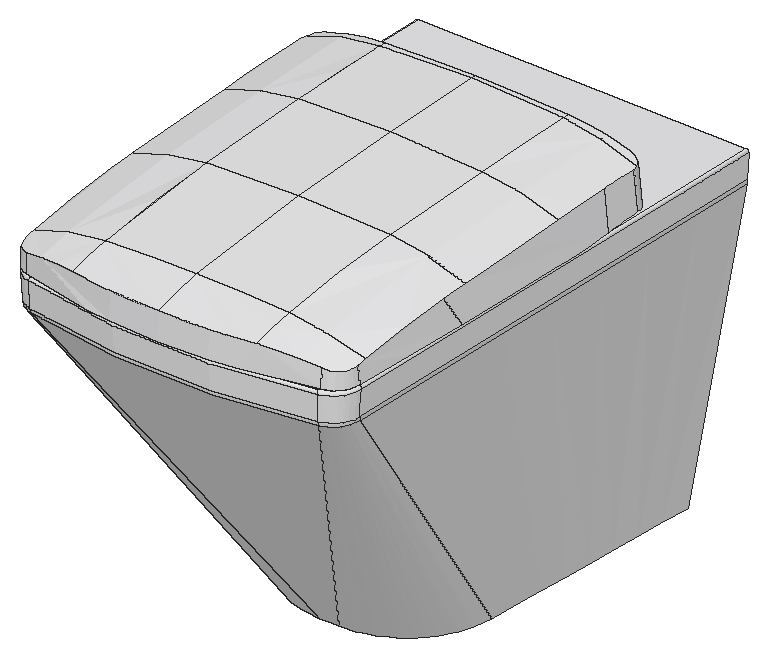
Revit family "Toilet-Floor_Mount-KOHLER-ESCALE-K-95027K_1", category Plumbing Fixtures, host Face, Revit 2017
Family settings
  Host = Face
  Round Connector Dimension = Use Diameter
  Part Type = Normal
  OmniClass Number = 23.31.19.00
  OmniClass Title = Toilets
  Cut with Voids When Loaded = No
  Shared = No
  Room Calculation Point = No
Parameters (values of type "0-White")
  Width = 15 25/128"  # constant formula
  WaterSense Certified = 1 = 0  # no
  Waste Water Outlet = "Waste Water Outlet"  # constant formula
  Waste Connection = 1 = 1  # yes
  Vent Connection = 1 = 0  # no
  URL = "https://www.kohlerasiapacific.com/"
  Type = 1
  Seat Included = 1 = 1  # yes
  Rough-In = 7 27/64"  # constant formula
  Product Page URL = "https://www.kohlerasiapacific.com/productDetails/95027K-S?skuid=95027K-S-0"
  Product Name = "ESCALE"  # constant formula
  Product Documentation Link = "http://resources.kohler.com/plumbing/kohlerapac/pdf/95027K-S.pdf"
  Pressure = 0.00 psi
  Model = "K-95027K-S-0"  # constant formula
  Material = "Vitreous China"  # constant formula
  Master Format 2014 Name = "Residential Water Closets"  # constant formula
  Master Format 2014 = "22 42 13.13"  # constant formula
  Manufacturer Address = "No. 158 Jiang Chang San Road, Zhabei District, Shanghai, China"  # constant formula
  Manufacturer = "KOHLER Co."  # constant formula
  Length = 23 25/32"  # constant formula
  Hot Water Inlet = "Hot Water Inlet"  # constant formula
  Height = 18 79/256"  # constant formula
  HW Connection = 1 = 0  # no
  Flush Rate- LPF = "4.5 LPF"  # constant formula
  Flush Rate- GPF = "1.18 GPF"  # constant formula
  Flow Rate = 0 GPM
  Finish = Kohler-Vitreous_China-0-White
  Environmental Product Declaration = ""
  Description = "Wall-faced Dual Flush Toilet 3/4.5L with Rimless Flushing Technology"  # constant formula
  Default Elevation = 0"
  Declare Label = ""
  Date Modified = "08/03/2021"  # constant formula
  Date Created = "08/03/2021"  # constant formula
  Copyright = "Copyright KOHLER Co."  # constant formula
  Contact Us = "https://www.kohlerasiapacific.com/contact-us"
  Cold Water Inlet = "Cold Water Inlet"  # constant formula
  CW Connection = 1 = 1  # yes
  Bowl Height = 15 91/256"  # constant formula
  Assembly Code = "D2010100"
  ADA Compliant = 1 = 0  # no
Reference planes (in)
  plane 1 "Center (Front/Back)": y = 0
  plane 2: z = 0
  plane 3 "Center (Left/Right)": x = 0
  plane 4: x = -7.44094
  plane 5: x = -7.59843
  plane 6: x = 7.44094
  plane 7: x = 7.59689
  plane 8: y = -23.62205
  plane 9: y = -23.78125
  plane 10: z = 15.35547
  plane 11: z = 18.30859
  plane 12: z = 7.42187
  plane 13: z = 13.58382
Dimensions and locks (in)
  "Length": plane 9 to plane 1 "Center (Front/Back)"
  "Width": plane 5 to plane 7
  locked: plane 4 to plane 6 at 14.88189
  "Bowl Height": plane 10 to plane 2
  "Height": plane 11 to plane 2
  "Rough-In": plane 12 to plane 2
  plane 10 to plane 13 = 1.77165"
  aligned and locked: plane 2 to host face
  aligned and locked: level to host face
Automatic sketch dimensions
  host sketch curve to host sketch curve = 96"  (x2)
Nested families (in)
  nested 1: "K-95027K" at (0, 0, 0), type "K-95027K"
Connectors (in)
  piping at (0, 0, 7.42126), diameter 4.375, driven by "Waste Connection", driven by "Waste Water Outlet"
    settings: on nested 1, index 1, connector inside diameter 24", connector length 0", flow factor 0, pipe flow 0 GPM, pressure drop 0.00 psi, fitting loss kfactor 0, connector angle 0.00°, fixture units 0, engagement length 0", angle of deflection 0.00°, flow configuration 0, flow direction 2, fitting loss method 0, system type 16, joint type 0, gender type 0, connector reference index -1, connector utility 1, adjustable connector no, is connector primary yes, connector description "Waste Water Outlet"
  piping at (-0.00172, 0, 13.58268), diameter 2.16406, driven by "CW Connection", driven by "Cold Water Inlet"
    settings: on nested 1, index 2, connector inside diameter 24", connector length 0", flow factor 0, pipe flow 0 GPM, pressure drop 0.00 psi, fitting loss kfactor 0, connector angle 0.00°, fixture units 0, engagement length 0", angle of deflection 0.00°, flow configuration 0, flow direction 1, fitting loss method 0, system type 20, joint type 0, gender type 0, connector reference index -1, connector utility 1, adjustable connector no, is connector primary no, connector description "Cold Water Inlet"
Definition of nested family "K-95027K"
  Parameters (values of type "K-95027K")
    Material = none
  Reference planes (in)
    plane 1 "Center (Front/Back)": y = 0
    plane 2: z = 0
    plane 3 "Center (Left/Right)": x = 0
    plane 4: y = -23.77953
    plane 5: x = -7.59843
    plane 6: x = 7.59843
    plane 7: x = -7.44094
    plane 8: x = 7.44094
    plane 9: z = 15.35433
    plane 10: z = 18.30709
    plane 11: y = -23.62205
    plane 12: z = 7.42126
    plane 13: z = 13.93701
  Forms (in)
    Sweep 1, solid, material <- "Material", detail levels medium+fine
      path origin (0, 0, 0) x (1, 0, 0) y (0, 1, 0)
        loop
          line (7.44094, 0) -> (7.44094, -21.66535)
          arc (7.44094, -21.66535) -> (7.16614, -22.45079) -> (6.4616, -22.89357) r 1.25984
          arc (6.4616, -22.89357) -> (0, -23.62205) -> (-6.4616, -22.89357) r 29.02152
          arc (-6.4616, -22.89357) -> (-7.16614, -22.45079) -> (-7.44094, -21.66535) r 1.25984
          line (-7.44094, -21.66535) -> (-7.44094, 0)
      profile origin (0, -23.62205, 0) x (0, 1, 0) y (0, 0, 1)
        loop
          line (0.67785, 15.35433) -> (0.11917, 15.35433)
          arc (0.11917, 15.35433) -> (0.03288, 15.31725) -> (0.00037, 15.22914) r 0.11897
          line (0.00037, 15.22914) -> (0.05908, 14.10875)
          arc (0.05908, 14.10875) -> (0.06844, 14.0221) -> (0.08729, 13.93701) r 0.78951
          line (0.08729, 13.93701) -> (0.67785, 13.93701) -> (0.67785, 15.35433)
    Extrusion 2, solid, material <- "Material", detail levels medium+fine
      sketch origin (0, 0, 0) x (1, 0, 0) y (0, 1, 0)
        loop
          arc (-6.7631, -21.66535) -> (-6.63615, -22.02819) -> (-6.31068, -22.23274) r 0.582
          arc (-6.31068, -22.23274) -> (0, -22.9442) -> (6.31068, -22.23274) r 28.34367
          arc (6.31068, -22.23274) -> (6.63615, -22.02819) -> (6.7631, -21.66535) r 0.582
          line (6.7631, -21.66535) -> (6.7631, 0) -> (-6.7631, 0) -> (-6.7631, -21.66535)
      from 13.93701 to 15.35433
    Blend 3, solid, material <- "Material", detail levels medium+fine
      base sketch origin (0, 0, 0) x (1, 0, 0) y (0, 1, 0)
        loop
          line (-4.72441, 0) -> (-4.3032, -10.44323)
          arc (-4.3032, -10.44323) -> (-3.11204, -13.08969) -> (-0.41973, -14.17323) r 3.88663
          line (-0.41973, -14.17323) -> (0.4205, -14.17323)
          arc (0.4205, -14.17323) -> (3.11226, -13.08992) -> (4.30317, -10.444) r 3.88583
          line (4.30317, -10.444) -> (4.72441, 0) -> (-4.72441, 0)
      top sketch origin (0, 0, 0) x (1, 0, 0) y (0, 1, 0)
        loop
          arc (-7.35365, -21.66535) -> (-7.09788, -22.39636) -> (-6.44217, -22.80847) r 1.17255
          arc (-6.44217, -22.80847) -> (0, -23.53475) -> (6.44217, -22.80847) r 28.93422
          arc (6.44217, -22.80847) -> (7.09788, -22.39636) -> (7.35365, -21.66535) r 1.17255
          line (7.35365, -21.66535) -> (7.35365, 0) -> (-7.35365, 0) -> (-7.35365, -21.66535)
      from 0 to 13.93701
    Blend 4, solid, material <- "Material", detail levels medium+fine
      base sketch origin (0, 0, 0) x (1, 0, 0) y (0, 1, 0)
        loop
          arc (-6.9685, -5.69655) -> (-7.41393, -5.88105) -> (-7.59843, -6.32647) r 0.62992
          line (-7.59843, -6.32647) -> (-7.59843, -8.01807)
          arc (-7.59843, -8.01807) -> (-7.59248, -12.12242) -> (-7.57463, -16.22673) r 1415.97263
          arc (-7.57463, -16.22673) -> (-7.534, -19.0035) -> (-7.44432, -21.77912) r 157.19042
          arc (-7.44432, -21.77912) -> (-7.19128, -22.46238) -> (-6.58544, -22.86714) r 1.1811
          arc (-6.58544, -22.86714) -> (0.00024, -23.77953) -> (6.58574, -22.86575) r 24.2057
          arc (6.58574, -22.86575) -> (7.19141, -22.46095) -> (7.44438, -21.77779) r 1.1811
          arc (7.44438, -21.77779) -> (7.53402, -19.00284) -> (7.57463, -16.22673) r 157.19042
          arc (7.57463, -16.22673) -> (7.59248, -12.12242) -> (7.59843, -8.01807) r 1415.97263
          line (7.59843, -8.01807) -> (7.59843, -6.32647)
          arc (7.59843, -6.32647) -> (7.41393, -5.88105) -> (6.9685, -5.69655) r 0.62992
          line (6.9685, -5.69655) -> (-6.9685, -5.69655)
      top sketch origin (0, 0, 0) x (1, 0, 0) y (0, 1, 0)
        loop
          arc (-6.70706, -5.89945) -> (-7.19459, -6.09141) -> (-7.39444, -6.57576) r 0.66929
          line (-7.39444, -6.57576) -> (-7.37735, -8.15047) -> (-7.26883, -18.14857) -> (-7.22824, -21.8885)
          arc (-7.22824, -21.8885) -> (-7.05034, -22.40503) -> (-6.59866, -22.71233) r 0.86614
          arc (-6.59866, -22.71233) -> (0.00015, -23.63045) -> (6.59881, -22.71123) r 24.1584
          arc (6.59881, -22.71123) -> (7.0504, -22.40391) -> (7.22825, -21.88745) r 0.86614
          line (7.22825, -21.88745) -> (7.26883, -18.14857) -> (7.37735, -8.15047) -> (7.39444, -6.57576)
          arc (7.39444, -6.57576) -> (7.19459, -6.09141) -> (6.70706, -5.89945) r 0.66929
          arc (6.70706, -5.89945) -> (0, -5.99026) -> (-6.70706, -5.89945) r 247.72206
      from 15.47244 to 18.7131
    Extrusion 5, void
      sketch origin (0, 0, 0) x (1, 0, 0) y (0, 0, 1)
        loop
          arc (5.35969, 17.0097) -> (5.32776, 17.08841) -> (5.25127, 17.12535) r 0.11811
          arc (5.25127, 17.12535) -> (-0.008, 17.34106) -> (-5.26724, 17.12479) r 64.13842
          arc (-5.26724, 17.12479) -> (-5.33226, 17.09339) -> (-5.35939, 17.02648) r 0.1004
          line (-5.35939, 17.02648) -> (-5.38652, 15.47244) -> (5.38652, 15.47244) -> (5.35969, 17.0097)
      from 3.44516 to 6.96731
    Extrusion 6, solid, material <- "Material", detail levels medium+fine
      sketch origin (0, 0, 0) x (0, 1, 0) y (0, 0, 1)
        loop
          line (-5.79395, 16.00437) -> (-5.87453, 16.58164)
          arc (-5.87453, 16.58164) -> (-5.95953, 16.81455) -> (-6.13257, 16.99212) r 0.5912
          arc (-6.13257, 16.99212) -> (-6.59032, 17.07658) -> (-6.96731, 16.80355) r 0.5912
          line (-6.96731, 16.80355) -> (-6.96731, 15.80753) -> (-5.947, 15.82534)
          arc (-5.947, 15.82534) -> (-5.83018, 15.8804) -> (-5.79395, 16.00437) r 0.15731
      from 4.92124 to 5.32725
    Extrusion 7, solid, material <- "Material", detail levels medium+fine
      sketch origin (0, 0, 0) x (0, 1, 0) y (0, 0, -1)
        loop
          arc (-5.79395, -16.00437) -> (-5.83018, -15.8804) -> (-5.947, -15.82534) r 0.15731
          line (-5.947, -15.82534) -> (-6.96731, -15.80753) -> (-6.96731, -16.80355)
          arc (-6.96731, -16.80355) -> (-6.59032, -17.07658) -> (-6.13257, -16.99212) r 0.5912
          arc (-6.13257, -16.99212) -> (-5.95953, -16.81455) -> (-5.87453, -16.58164) r 0.5912
          line (-5.87453, -16.58164) -> (-5.79395, -16.00437)
      from 4.92124 to 5.32725
    Extrusion 8, solid, material <- "Material", detail levels medium+fine
      sketch origin (0, 0, 0) x (0, 1, 0) y (0, 0, 1)
        loop
          line (-5.85727, 15.38911) -> (-5.87471, 16.38855)
          arc (-5.87471, 16.38855) -> (-6.35115, 16.85267) -> (-6.81941, 16.3803) r 0.47238
          line (-6.81941, 16.3803) -> (-6.81941, 15.35433) -> (-5.89145, 15.35433)
          arc (-5.89145, 15.35433) -> (-5.86707, 15.36456) -> (-5.85727, 15.38911) r 0.03419
      from -4.92124 to 4.92124
    Extrusion 9, void
      sketch origin (0, 0, 0) x (1, 0, 0) y (0, 0, 1)
        loop
          line (-4.7537, 15.82677) -> (4.7537, 15.82677)
          arc (4.7537, 15.82677) -> (4.77475, 15.81805) -> (4.78346, 15.797) r 0.02977
          line (4.78346, 15.797) -> (4.78346, 15.70954)
          arc (4.78346, 15.70954) -> (4.77398, 15.68665) -> (4.75109, 15.67717) r 0.03237
          line (4.75109, 15.67717) -> (4.65867, 15.67717) -> (4.65867, 15.55118) -> (4.7408, 15.55118)
          arc (4.7408, 15.55118) -> (4.76262, 15.54214) -> (4.77165, 15.52033) r 0.03085
          line (4.77165, 15.52033) -> (4.77165, 15.31673) -> (4.80395, 15.31673)
          arc (4.80395, 15.31673) -> (4.79457, 15.3345) -> (4.79134, 15.35433) r 0.06238
          line (4.79134, 15.35433) -> (4.79134, 15.52033)
          arc (4.79134, 15.52033) -> (4.77654, 15.55606) -> (4.7408, 15.57087) r 0.05054
          line (4.7408, 15.57087) -> (4.67835, 15.57087) -> (4.67835, 15.65748) -> (4.75109, 15.65748)
          arc (4.75109, 15.65748) -> (4.7879, 15.67273) -> (4.80315, 15.70954) r 0.05206
          line (4.80315, 15.70954) -> (4.80315, 15.797)
          arc (4.80315, 15.797) -> (4.78867, 15.83197) -> (4.7537, 15.84646) r 0.04945
          line (4.7537, 15.84646) -> (-4.7537, 15.84646)
          arc (-4.7537, 15.84646) -> (-4.78867, 15.83197) -> (-4.80315, 15.797) r 0.04945
          line (-4.80315, 15.797) -> (-4.80315, 15.70954)
          arc (-4.80315, 15.70954) -> (-4.7879, 15.67273) -> (-4.75109, 15.65748) r 0.05206
          line (-4.75109, 15.65748) -> (-4.67835, 15.65748) -> (-4.67835, 15.57087) -> (-4.7408, 15.57087)
          arc (-4.7408, 15.57087) -> (-4.77654, 15.55606) -> (-4.79134, 15.52033) r 0.05054
          line (-4.79134, 15.52033) -> (-4.79134, 15.35433)
          arc (-4.79134, 15.35433) -> (-4.79457, 15.3345) -> (-4.80395, 15.31673) r 0.06238
          line (-4.80395, 15.31673) -> (-4.77165, 15.31673) -> (-4.77165, 15.52033)
          arc (-4.77165, 15.52033) -> (-4.76262, 15.54214) -> (-4.7408, 15.55118) r 0.03085
          line (-4.7408, 15.55118) -> (-4.65867, 15.55118) -> (-4.65867, 15.67717) -> (-4.75109, 15.67717)
          arc (-4.75109, 15.67717) -> (-4.77398, 15.68665) -> (-4.78346, 15.70954) r 0.03237
          line (-4.78346, 15.70954) -> (-4.78346, 15.797)
          arc (-4.78346, 15.797) -> (-4.77475, 15.81805) -> (-4.7537, 15.82677) r 0.02977
        loop
          line (3.50307, 17.0217) -> (3.46, 17.0217)
          arc (3.46, 17.0217) -> (3.47749, 16.9611) -> (3.48339, 16.8983) r 0.33724
          line (3.48339, 16.8983) -> (3.48339, 15.96486) -> (-3.48339, 15.96486) -> (-3.48339, 16.92722)
          arc (-3.48339, 16.92722) -> (-3.47811, 16.9756) -> (-3.46253, 17.0217) r 0.2244
          line (-3.46253, 17.0217) -> (-3.50307, 17.0217) -> (-3.50307, 15.94518) -> (3.50307, 15.94518) -> (3.50307, 17.0217)
      from 5.41738 to 6.96731
    Sweep 10, void
      path origin (0, 0, 0) x (0, 1, 0) y (0, 0, 1)
        loop
          arc (-25.10451, 16.22863) -> (-23.34487, 16.78681) -> (-21.54552, 17.19942) r 22.58649
          arc (-21.54552, 17.19942) -> (-18.71425, 17.62299) -> (-15.85982, 17.8416) r 39.73354
          arc (-15.85982, 17.8416) -> (-13.27932, 17.96795) -> (-10.70134, 18.13824) r 151.66483
          arc (-10.70134, 18.13824) -> (-8.4368, 18.26486) -> (-6.16912, 18.30709) r 60.9111
          line (-6.16912, 18.30709) -> (-5.38172, 18.30709)
      profile origin (0, -5.77542, 18.30709) x (0, 0, 1) y (1, 0, 0)
        loop
          arc (0, 0) -> (-0.03433, -2.06133) -> (-0.13726, -4.12038) r 61.91121
          arc (-0.13726, -4.12038) -> (-0.51102, -6.27622) -> (-1.32623, -8.30668) r 10.43207
          line (-1.32623, -8.30668) -> (2.80763, -8.30668) -> (2.80763, 8.30668) -> (-1.32623, 8.30668)
          arc (-1.32623, 8.30668) -> (-0.51102, 6.27622) -> (-0.13726, 4.12038) r 10.43207
          arc (-0.13726, 4.12038) -> (-0.03433, 2.06133) -> (0, 0) r 61.91121
    Extrusion 11, void
      sketch origin (0, 0, 0) x (0, 1, 0) y (0, 0, 1)
        loop
          line (-10.41544, 15.47244) -> (-11.36356, 15.47244) -> (-11.36356, 15.35433) -> (-5.40109, 15.35433) -> (-5.40109, 15.77248) -> (-8.97007, 15.52291)
          arc (-8.97007, 15.52291) -> (-9.69232, 15.48506) -> (-10.41544, 15.47244) r 20.72032
      from -8.2274 to 8.70283
    Extrusion 12, solid, material <- "Material", detail levels medium+fine
      sketch origin (0, 0, 0) x (1, 0, 0) y (0, 1, 0)
        loop
          line (-6.6538, -11.03256) -> (-6.65331, -11.74683)
          arc (-6.65331, -11.74683) -> (-6.18468, -12.21498) -> (-5.71637, -11.74651) r 0.46847
          line (-5.71637, -11.74651) -> (-5.71637, -11.03223)
          arc (-5.71637, -11.03223) -> (-6.18525, -10.56351) -> (-6.6538, -11.03256) r 0.46872
        loop
          arc (6.6538, -11.03256) -> (6.18525, -10.56351) -> (5.71637, -11.03223) r 0.46872
          line (5.71637, -11.03223) -> (5.71637, -11.74651)
          arc (5.71637, -11.74651) -> (6.18468, -12.21498) -> (6.65331, -11.74683) r 0.46847
          line (6.65331, -11.74683) -> (6.6538, -11.03256)
        loop
          line (-6.04337, -21.08099) -> (-5.58742, -21.62249)
          arc (-5.58742, -21.62249) -> (-4.93355, -21.67857) -> (-4.87747, -21.02471) r 0.46405
          line (-4.87747, -21.02471) -> (-5.33343, -20.4832)
          arc (-5.33343, -20.4832) -> (-5.98729, -20.42712) -> (-6.04337, -21.08099) r 0.46405
        loop
          arc (6.04337, -21.08099) -> (5.98729, -20.42712) -> (5.33343, -20.4832) r 0.46405
          line (5.33343, -20.4832) -> (4.87747, -21.02471)
          arc (4.87747, -21.02471) -> (4.93355, -21.67857) -> (5.58742, -21.62249) r 0.46405
          line (5.58742, -21.62249) -> (6.04337, -21.08099)
      from 15.35433 to 15.47244
    Extrusion 13, solid, material <- "Material", detail levels coarse
      sketch origin (0, 0, 0) x (1, 0, 0) y (0, 1, 0)
        loop
          line (-7.44094, -23.62205) -> (7.44094, -23.62205) -> (7.44094, 0) -> (-7.44094, 0) -> (-7.44094, -23.62205)
      from 0 to 15.35433
    Extrusion 14, solid, material <- "Material", detail levels coarse
      sketch origin (0, 0, 0) x (1, 0, 0) y (0, 1, 0)
        loop
          line (7.59843, -5.74278) -> (-7.59843, -5.71267) -> (-7.59843, -23.77953) -> (7.59843, -23.77953) -> (7.59843, -5.74278)
      from 15.35433 to 18.30709
    Extrusion 15, solid, material <- "Material", detail levels medium+fine
      sketch origin (0, 0, 0) x (1, 0, 0) y (0, 0, 1)
        loop
          circle (0, 7.42126) r 1.37795
        loop
          circle (-0.00172, 13.58268) r 0.76351
      from 0 to 0.52316
  Cuts and joins
    joined: Sweep 1, Extrusion 2, Blend 3
    Extrusion 5, Sweep 10, Extrusion 11 cuts Blend 4
    Extrusion 9 cuts Extrusion 8
    joined: Blend 4, Extrusion 6, Extrusion 7, Extrusion 8, Extrusion 12
    joined: Extrusion 13, Extrusion 14
  Lines and regions (in)
    Masking region 1
      outline origin (0, 0, 0) x (1, 0, 0) y (0, 0, 1)
        loop
          line (-4.72441, 0) -> (4.72441, 0) -> (7.35365, 13.93701)
          arc (7.35365, 13.93701) -> (7.3725, 14.0221) -> (7.38186, 14.10875) r 0.78951
          line (7.38186, 14.10875) -> (7.44054, 15.22843)
          arc (7.44054, 15.22843) -> (7.40785, 15.31705) -> (7.32106, 15.35433) r 0.11964
          line (7.32106, 15.35433) -> (6.6538, 15.35433) -> (6.6538, 15.47244) -> (7.56756, 15.47244)
          arc (7.56756, 15.47244) -> (7.58731, 15.48098) -> (7.59461, 15.50122) r 0.02711
          line (7.59461, 15.50122) -> (7.48183, 17.32396)
          arc (7.48183, 17.32396) -> (7.46737, 17.36478) -> (7.43351, 17.39179) r 0.07874
          arc (7.43351, 17.39179) -> (5.80893, 17.91699) -> (4.12038, 18.16982) r 10.41915
          arc (4.12038, 18.16982) -> (2.06133, 18.27276) -> (0, 18.30709) r 61.91121
          arc (0, 18.30709) -> (-2.06133, 18.27276) -> (-4.12038, 18.16982) r 61.91121
          arc (-4.12038, 18.16982) -> (-5.80893, 17.91699) -> (-7.43351, 17.39179) r 10.41915
          arc (-7.43351, 17.39179) -> (-7.46737, 17.36478) -> (-7.48183, 17.32396) r 0.07874
          line (-7.48183, 17.32396) -> (-7.59461, 15.50122)
          arc (-7.59461, 15.50122) -> (-7.58731, 15.48098) -> (-7.56756, 15.47244) r 0.02711
          line (-7.56756, 15.47244) -> (-6.6538, 15.47244) -> (-6.6538, 15.35433) -> (-7.32106, 15.35433)
          arc (-7.32106, 15.35433) -> (-7.40785, 15.31705) -> (-7.44054, 15.22843) r 0.11964
          line (-7.44054, 15.22843) -> (-7.38186, 14.10875)
          arc (-7.38186, 14.10875) -> (-7.3725, 14.0221) -> (-7.35365, 13.93701) r 0.78951
          line (-7.35365, 13.93701) -> (-4.72441, 0)
    Masking region 2
      outline origin (0, 0, 0) x (0, 1, 0) y (0, 0, 1)
        loop
          line (0, 15.35433) -> (-5.89145, 15.35433)
          arc (-5.89145, 15.35433) -> (-5.86707, 15.36456) -> (-5.85727, 15.38911) r 0.03419
          line (-5.85727, 15.38911) -> (-5.8634, 15.74015) -> (-5.71396, 15.7506) -> (-5.82911, 17.5907)
          arc (-5.82911, 17.5907) -> (-5.86177, 17.8919) -> (-5.92166, 18.18889) r 3.33054
          arc (-5.92166, 18.18889) -> (-5.97696, 18.27404) -> (-6.07296, 18.30709) r 0.15594
          line (-6.07296, 18.30709) -> (-6.74086, 18.30709)
          arc (-6.74086, 18.30709) -> (-9.52718, 18.25337) -> (-12.30935, 18.09231) r 72.2943
          arc (-12.30935, 18.09231) -> (-15.43977, 17.86091) -> (-18.57166, 17.65027) r 473.43342
          arc (-18.57166, 17.65027) -> (-21.14662, 17.32861) -> (-23.66402, 16.69885) r 21.48366
          arc (-23.66402, 16.69885) -> (-23.7083, 16.66787) -> (-23.72687, 16.61713) r 0.09002
          line (-23.72687, 16.61713) -> (-23.77512, 15.56825)
          arc (-23.77512, 15.56825) -> (-23.74986, 15.50078) -> (-23.68362, 15.47244) r 0.0916
          line (-23.68362, 15.47244) -> (-21.78537, 15.47244) -> (-21.78537, 15.35433) -> (-23.49817, 15.35433)
          arc (-23.49817, 15.35433) -> (-23.59071, 15.31409) -> (-23.6244, 15.21897) r 0.12653
          line (-23.6244, 15.21897) -> (-23.53475, 13.93701) -> (-15.47896, 3.24661)
          arc (-15.47896, 3.24661) -> (-14.61107, 1.70978) -> (-14.17323, 0) r 6.72046
          line (-14.17323, 0) -> (0, 0) -> (0, 15.35433)
        loop
          line (-6.81941, 15.6733) -> (-8.97007, 15.52291)
          arc (-8.97007, 15.52291) -> (-9.69232, 15.48506) -> (-10.41544, 15.47244) r 20.72032
          line (-10.41544, 15.47244) -> (-10.56351, 15.47244) -> (-10.56351, 15.35433) -> (-6.81941, 15.35433) -> (-6.81941, 15.6733)
        loop
          line (-20.31804, 15.47244) -> (-20.31804, 15.35433) -> (-12.21498, 15.35433) -> (-12.21498, 15.47244) -> (-20.31804, 15.47244)
    Masking region 3
      outline origin (0, 0, 0) x (1, 0, 0) y (0, 1, 0)
        loop
          line (-7.44074, 0) -> (-7.44074, -5.94747)
          spline (-7.44074, -5.94747) -> (-7.46211, -5.97514) -> (-7.48192, -6.00393) -> (-7.50012, -6.03377) -> (-7.51664, -6.06456) -> (-7.53143, -6.09622) -> (-7.54446, -6.12863) -> (-7.55568, -6.16172) -> (-7.56505, -6.19537) -> (-7.57256, -6.22948) -> (-7.57817, -6.26395) -> (-7.58187, -6.29868) -> (-7.58365, -6.33356)
          line (-7.58365, -6.33356) -> (-7.59046, -8.02283) -> (-7.59448, -8.97007)
          spline (-7.59448, -8.97007) -> (-7.59496, -9.09034) -> (-7.59538, -9.21066) -> (-7.59575, -9.33102) -> (-7.59606, -9.45142) -> (-7.5963, -9.57185) -> (-7.59649, -9.69231) -> (-7.59662, -9.8128) -> (-7.5967, -9.9333) -> (-7.59671, -10.05382) -> (-7.59666, -10.17436) -> (-7.59656, -10.2949) -> (-7.5964, -10.41544)
          arc (-7.5964, -10.41544) -> (-7.59551, -10.8895) -> (-7.59447, -11.36356) r 1415.97263
          arc (-7.59447, -11.36356) -> (-7.58664, -13.79516) -> (-7.57463, -16.22673) r 1415.97263
          arc (-7.57463, -16.22673) -> (-7.534, -19.0035) -> (-7.44432, -21.77912) r 157.19042
          arc (-7.44432, -21.77912) -> (-7.19128, -22.46238) -> (-6.58544, -22.86714) r 1.1811
          arc (-6.58544, -22.86714) -> (0.02801, -23.77951) -> (6.63915, -22.85057) r 24.2057
          arc (6.63915, -22.85057) -> (7.20843, -22.44012) -> (7.44432, -21.77912) r 1.1811
          arc (7.44432, -21.77912) -> (7.534, -19.0035) -> (7.57463, -16.22673) r 157.19042
          arc (7.57463, -16.22673) -> (7.58664, -13.79516) -> (7.59447, -11.36356) r 1415.97263
          arc (7.59447, -11.36356) -> (7.59551, -10.8895) -> (7.5964, -10.41544) r 1415.97263
          spline (7.5964, -10.41544) -> (7.59656, -10.2949) -> (7.59666, -10.17436) -> (7.59671, -10.05382) -> (7.5967, -9.9333) -> (7.59662, -9.8128) -> (7.59649, -9.69231) -> (7.5963, -9.57185) -> (7.59606, -9.45142) -> (7.59575, -9.33102) -> (7.59538, -9.21066) -> (7.59496, -9.09034) -> (7.59448, -8.97007)
          line (7.59448, -8.97007) -> (7.59046, -8.02283) -> (7.58365, -6.33356)
          spline (7.58365, -6.33356) -> (7.58187, -6.29868) -> (7.57817, -6.26395) -> (7.57256, -6.22948) -> (7.56505, -6.19537) -> (7.55568, -6.16172) -> (7.54446, -6.12863) -> (7.53143, -6.09622) -> (7.51664, -6.06456) -> (7.50012, -6.03377) -> (7.48192, -6.00393) -> (7.46211, -5.97514) -> (7.44074, -5.94747)
          line (7.44074, -5.94747) -> (7.44074, 0) -> (-7.44074, 0)
    symbolic lines, detail levels medium+fine
      curve 1: line (-6.65331, 0, 15.47244) -> (6.65331, 0, 15.47244)
      curve 2: line (6.6538, 0, 15.35433) -> (-6.65331, 0, 15.35433)
      curve 3: line (-7.35365, 0, 13.93701) -> (7.35021, 0, 13.93701)
      curve 4: spline (-7.4436, 0, 16.88736) -> (-7.44605, 0, 16.9047) -> (-7.44835, 0, 16.92384) -> (-7.45048, 0, 16.94478) -> (-7.45246, 0, 16.96751) -> (-7.45428, 0, 16.99204) -> (-7.45594, 0, 17.01837) -> (-7.45745, 0, 17.0465) -> (-7.45879, 0, 17.07643) -> (-7.45998, 0, 17.10815) -> (-7.46101, 0, 17.14167) -> (-7.46188, 0, 17.17699) -> (-7.46259, 0, 17.2141)
      curve 5: spline (-7.40289, 0, 16.31286) -> (-7.41025, 0, 16.38219) -> (-7.41689, 0, 16.44764) -> (-7.42282, 0, 16.5092) -> (-7.42802, 0, 16.56686) -> (-7.43249, 0, 16.62063) -> (-7.43625, 0, 16.67048) -> (-7.43928, 0, 16.71643) -> (-7.44159, 0, 16.75846) -> (-7.44318, 0, 16.79658) -> (-7.44404, 0, 16.83077) -> (-7.44418, 0, 16.86103) -> (-7.4436, 0, 16.88736)
      curve 6: line (-7.39291, 0, 16.22651) -> (-7.40289, 0, 16.31286)
      curve 7: spline (-6.59762, 0, 16.29511) -> (-6.70222, 0, 16.26648) -> (-6.80332, 0, 16.24137) -> (-6.8997, 0, 16.22011) -> (-6.99021, 0, 16.20294) -> (-7.07377, 0, 16.19007) -> (-7.14936, 0, 16.18165) -> (-7.21609, 0, 16.17779) -> (-7.27314, 0, 16.17853) -> (-7.31985, 0, 16.18387) -> (-7.35564, 0, 16.19373) -> (-7.38009, 0, 16.208) -> (-7.39291, 0, 16.22651)
      curve 8: spline (-4.12416, 0, 16.63673) -> (-4.33432, 0, 16.63012) -> (-4.54403, 0, 16.61951) -> (-4.75321, 0, 16.6049) -> (-4.96176, 0, 16.58631) -> (-5.16961, 0, 16.56372) -> (-5.37666, 0, 16.53717) -> (-5.58284, 0, 16.50665) -> (-5.78805, 0, 16.47218) -> (-5.99222, 0, 16.43378) -> (-6.19526, 0, 16.39145) -> (-6.39709, 0, 16.34523) -> (-6.59762, 0, 16.29511)
      curve 9: spline (0, 0, 16.67984) -> (-0.34536, 0, 16.6798) -> (-0.69065, 0, 16.67912) -> (-1.0358, 0, 16.67778) -> (-1.38073, 0, 16.6758) -> (-1.72539, 0, 16.67318) -> (-2.06969, 0, 16.6699) -> (-2.41357, 0, 16.66598) -> (-2.75696, 0, 16.66142) -> (-3.09978, 0, 16.65621) -> (-3.44197, 0, 16.65035) -> (-3.78345, 0, 16.64386) -> (-4.12416, 0, 16.63672)
      curve 10: arc (-7.46259, 0, 17.2141) -> (-7.46789, 0, 17.26979) -> (-7.48183, 0, 17.32396) r 0.3573
      curve 11: arc (-7.40354, 0, 17.21509) -> (-7.40972, 0, 17.27997) -> (-7.42596, 0, 17.3431) r 0.41636
      curve 12: line (-7.38523, 0, 16.89635) -> (-7.40354, 0, 17.21509)
      curve 13: line (-7.34418, 0, 16.31925) -> (-7.38434, 0, 16.89075)
      curve 14: line (-7.33691, 0, 16.25635) -> (-7.34418, 0, 16.31925)
      curve 15: line (-4.12555, 0, 16.69576) -> (-6.6125, 0, 16.35226)
      curve 16: line (0, 0, 16.73889) -> (-4.12555, 0, 16.69576)
      curve 17: arc (-6.6125, 0, 16.35226) -> (-6.91704, 0, 16.2863) -> (-7.226, 0, 16.2458) r 3.75773
      curve 18: arc (-7.226, 0, 16.2458) -> (-7.28194, 0, 16.24597) -> (-7.33691, 0, 16.25635) r 0.30492
      curve 19: arc (-7.42596, 0, 17.3431) -> (-7.43618, 0, 17.36391) -> (-7.45128, 0, 17.38148) r 0.09181
      curve 20: arc (7.40354, 0, 17.21509) -> (7.40972, 0, 17.27997) -> (7.42596, 0, 17.3431) r 0.41636
      curve 21: line (7.38523, 0, 16.89635) -> (7.40354, 0, 17.21509)
      curve 22: line (7.34418, 0, 16.31925) -> (7.38434, 0, 16.89075)
      curve 23: line (7.33691, 0, 16.25635) -> (7.34418, 0, 16.31925)
      curve 24: line (4.12555, 0, 16.69576) -> (6.6125, 0, 16.35226)
      curve 25: line (0, 0, 16.73889) -> (4.12555, 0, 16.69576)
      curve 26: arc (6.6125, 0, 16.35226) -> (6.91704, 0, 16.2863) -> (7.226, 0, 16.2458) r 3.75773
      curve 27: arc (7.226, 0, 16.2458) -> (7.28194, 0, 16.24597) -> (7.33691, 0, 16.25635) r 0.30492
      curve 28: arc (7.42596, 0, 17.3431) -> (7.43618, 0, 17.36391) -> (7.45128, 0, 17.38148) r 0.09181
      curve 29: spline (7.4436, 0, 16.88736) -> (7.44605, 0, 16.9047) -> (7.44835, 0, 16.92384) -> (7.45048, 0, 16.94478) -> (7.45246, 0, 16.96751) -> (7.45428, 0, 16.99204) -> (7.45594, 0, 17.01837) -> (7.45745, 0, 17.0465) -> (7.45879, 0, 17.07643) -> (7.45998, 0, 17.10815) -> (7.46101, 0, 17.14167) -> (7.46188, 0, 17.17699) -> (7.46259, 0, 17.2141)
      curve 30: spline (7.40289, 0, 16.31286) -> (7.41025, 0, 16.38219) -> (7.41689, 0, 16.44764) -> (7.42282, 0, 16.5092) -> (7.42802, 0, 16.56686) -> (7.43249, 0, 16.62063) -> (7.43625, 0, 16.67048) -> (7.43928, 0, 16.71643) -> (7.44159, 0, 16.75846) -> (7.44318, 0, 16.79658) -> (7.44404, 0, 16.83077) -> (7.44418, 0, 16.86103) -> (7.4436, 0, 16.88736)
      curve 31: line (7.39291, 0, 16.22651) -> (7.40289, 0, 16.31286)
      curve 32: spline (6.59762, 0, 16.29511) -> (6.70222, 0, 16.26648) -> (6.80332, 0, 16.24137) -> (6.8997, 0, 16.22011) -> (6.99021, 0, 16.20294) -> (7.07377, 0, 16.19007) -> (7.14936, 0, 16.18165) -> (7.21609, 0, 16.17779) -> (7.27314, 0, 16.17853) -> (7.31985, 0, 16.18387) -> (7.35564, 0, 16.19373) -> (7.38009, 0, 16.208) -> (7.39291, 0, 16.22651)
      curve 33: spline (4.12416, 0, 16.63673) -> (4.33432, 0, 16.63012) -> (4.54403, 0, 16.61951) -> (4.75321, 0, 16.6049) -> (4.96176, 0, 16.58631) -> (5.16961, 0, 16.56372) -> (5.37666, 0, 16.53717) -> (5.58284, 0, 16.50665) -> (5.78805, 0, 16.47218) -> (5.99222, 0, 16.43378) -> (6.19526, 0, 16.39145) -> (6.39709, 0, 16.34523) -> (6.59762, 0, 16.29511)
      curve 34: spline (0, 0, 16.67984) -> (0.34536, 0, 16.6798) -> (0.69065, 0, 16.67912) -> (1.0358, 0, 16.67778) -> (1.38073, 0, 16.6758) -> (1.72539, 0, 16.67318) -> (2.06969, 0, 16.6699) -> (2.41357, 0, 16.66598) -> (2.75696, 0, 16.66142) -> (3.09978, 0, 16.65621) -> (3.44197, 0, 16.65035) -> (3.78345, 0, 16.64386) -> (4.12416, 0, 16.63672)
      curve 35: arc (7.46259, 0, 17.2141) -> (7.46789, 0, 17.26979) -> (7.48183, 0, 17.32396) r 0.3573
      curve 36: line (-7.39291, 0, 16.22651) -> (-7.59461, 0, 15.50122)
      curve 37: line (-7.27379, 0, 16.17272) -> (-7.46854, 0, 15.47244)
      curve 38: line (7.39291, 0, 16.22651) -> (7.59461, 0, 15.50122)
      curve 39: line (7.27379, 0, 16.17272) -> (7.46854, 0, 15.47244)
      curve 40: line (0, -5.89145, 15.35433) -> (0, -6.81941, 15.35433)
      curve 41: line (0, -10.56351, 15.35433) -> (0, -12.21498, 15.35433)
      curve 42: line (0, -10.56351, 15.47244) -> (0, -12.21498, 15.47244)
      curve 43: line (0, -20.31804, 15.35433) -> (0, -21.78537, 15.35433)
      curve 44: line (0, -20.31804, 15.47244) -> (0, -21.78765, 15.47244)
      curve 45: line (0, -5.8634, 15.74015) -> (0, -6.81941, 15.6733)
      curve 46: line (0, 0, 13.93701) -> (0, -23.53475, 13.93701)
      curve 47: spline (0, -6.1575, 17.40787) -> (0, -6.10643, 17.4225) -> (0, -6.05874, 17.43835) -> (0, -6.01482, 17.45531) -> (0, -5.97499, 17.47324) -> (0, -5.93956, 17.49201) -> (0, -5.9088, 17.51147) -> (0, -5.88294, 17.53148) -> (0, -5.86218, 17.55187) -> (0, -5.84669, 17.57251) -> (0, -5.83657, 17.59322) -> (0, -5.83192, 17.61386) -> (0, -5.83275, 17.63425)
      curve 48: spline (0, -6.47585, 17.37278) -> (0, -6.44793, 17.3731) -> (0, -6.42005, 17.3739) -> (0, -6.39229, 17.37519) -> (0, -6.36471, 17.37696) -> (0, -6.33735, 17.37921) -> (0, -6.3103, 17.38194) -> (0, -6.2836, 17.38514) -> (0, -6.25732, 17.3888) -> (0, -6.23151, 17.39291) -> (0, -6.20623, 17.39747) -> (0, -6.18155, 17.40246) -> (0, -6.1575, 17.40787)
      curve 49: spline (0, -15.82496, 16.92162) -> (0, -15.39227, 16.93896) -> (0, -14.95964, 16.95757) -> (0, -14.52706, 16.97746) -> (0, -14.09454, 16.99862) -> (0, -13.66208, 17.02106) -> (0, -13.22969, 17.04476) -> (0, -12.79737, 17.06975) -> (0, -12.36513, 17.096) -> (0, -11.93296, 17.12353) -> (0, -11.50088, 17.15234) -> (0, -11.06889, 17.18241) -> (0, -10.63698, 17.21376)
      curve 50: spline (0, -17.33953, 16.83243) -> (0, -17.21346, 16.84221) -> (0, -17.08737, 16.85156) -> (0, -16.96124, 16.86048) -> (0, -16.83509, 16.86898) -> (0, -16.7089, 16.87705) -> (0, -16.58269, 16.88469) -> (0, -16.45646, 16.89192) -> (0, -16.3302, 16.89871) -> (0, -16.20392, 16.90508) -> (0, -16.07762, 16.91102) -> (0, -15.9513, 16.91653) -> (0, -15.82496, 16.92162)
      curve 51: spline (0, -21.40618, 16.30818) -> (0, -21.0695, 16.36709) -> (0, -20.73234, 16.42323) -> (0, -20.39473, 16.47662) -> (0, -20.05668, 16.52724) -> (0, -19.71822, 16.57509) -> (0, -19.37938, 16.62018) -> (0, -19.04017, 16.66249) -> (0, -18.70063, 16.70202) -> (0, -18.36076, 16.73877) -> (0, -18.02061, 16.77273) -> (0, -17.68019, 16.80392) -> (0, -17.33952, 16.83231)
      curve 52: spline (0, -21.83713, 16.22667) -> (0, -21.80128, 16.23378) -> (0, -21.76542, 16.24083) -> (0, -21.72954, 16.24783) -> (0, -21.69366, 16.25477) -> (0, -21.65776, 16.26165) -> (0, -21.62186, 16.26847) -> (0, -21.58594, 16.27523) -> (0, -21.55001, 16.28194) -> (0, -21.51407, 16.28859) -> (0, -21.47812, 16.29518) -> (0, -21.44216, 16.30171) -> (0, -21.40618, 16.30819)
      curve 53: spline (0, -22.69204, 16.22135) -> (0, -22.64304, 16.20778) -> (0, -22.58852, 16.19663) -> (0, -22.52885, 16.18799) -> (0, -22.46445, 16.18191) -> (0, -22.39576, 16.17842) -> (0, -22.32324, 16.17757) -> (0, -22.2474, 16.17935) -> (0, -22.16875, 16.18374) -> (0, -22.08784, 16.19073) -> (0, -22.00522, 16.20026) -> (0, -21.92146, 16.21227) -> (0, -21.83713, 16.22667)
      curve 54: arc (0, -23.72687, 16.61713) -> (0, -23.21497, 16.40482) -> (0, -22.69204, 16.22135) r 9.94543
      curve 55: arc (0, -10.63698, 17.21376) -> (0, -8.55784, 17.33045) -> (0, -6.47585, 17.37278) r 58.28247
      curve 56: line (0, -6.17239, 17.4651) -> (0, -5.8909, 17.62395)
      curve 57: line (0, -6.47599, 17.43184) -> (0, -6.17239, 17.4651)
      curve 58: arc (0, -10.64135, 17.27266) -> (0, -8.56009, 17.38946) -> (0, -6.47599, 17.43184) r 58.34153
      curve 59: line (0, -15.82728, 16.98063) -> (0, -10.64135, 17.27266)
      curve 60: line (0, -17.34248, 16.8914) -> (0, -15.82728, 16.98063)
      curve 61: line (0, -21.41672, 16.3663) -> (0, -17.34248, 16.8914)
      curve 62: line (0, -21.84823, 16.28467) -> (0, -21.41672, 16.3663)
      curve 63: line (0, -22.67405, 16.2776) -> (0, -21.84823, 16.28467)
      curve 64: arc (0, -23.70273, 16.67103) -> (0, -23.19387, 16.45998) -> (0, -22.67405, 16.2776) r 9.88638
      curve 65: arc (0, -5.8909, 17.62395) -> (0, -5.92897, 17.91707) -> (0, -5.99345, 18.20553) r 3.25865
      curve 66: arc (0, -5.99345, 18.20553) -> (0, -6.04727, 18.28232) -> (0, -6.13771, 18.30709) r 0.13822
      curve 67: line (0, -22.69204, 16.22135) -> (0, -22.69204, 15.47244)
      curve 68: line (0, -22.19576, 16.18374) -> (0, -22.19576, 15.47244)
      curve 69: line (0, -6.47585, 17.37278) -> (0, -6.35926, 15.70548)
      curve 75: line (-5.32725, -5.81631, 0) -> (-5.32725, -5.7822, 0)
      curve 76: line (-5.32725, -5.7822, 0) -> (-4.92007, -5.7822, 0)
      curve 77: line (-4.92007, -5.7822, 0) -> (-4.92007, -5.82465, 0)
      curve 82: line (5.32725, -5.81631, 0) -> (5.32725, -5.7822, 0)
      curve 83: line (5.32725, -5.7822, 0) -> (4.92007, -5.7822, 0)
      curve 84: line (4.92007, -5.7822, 0) -> (4.92007, -5.82458, 0)
      curve 85: spline (-7.4037, -6.16864, 0) -> (-7.37024, -6.11602, 0) -> (-7.33243, -6.06684, 0) -> (-7.29055, -6.02148, 0) -> (-7.24496, -5.98032, 0) -> (-7.19599, -5.94366, 0) -> (-7.14405, -5.9118, 0) -> (-7.08954, -5.885, 0) -> (-7.0329, -5.86347, 0) -> (-6.97457, -5.84737, 0) -> (-6.91502, -5.83684, 0) -> (-6.85471, -5.83195, 0) -> (-6.79412, -5.83275, 0)
      curve 86: spline (-7.4788, -6.47328, 0) -> (-7.47843, -6.44671, 0) -> (-7.47695, -6.42018, 0) -> (-7.47437, -6.39375, 0) -> (-7.47068, -6.36748, 0) -> (-7.46591, -6.34142, 0) -> (-7.46005, -6.31561, 0) -> (-7.45312, -6.29012, 0) -> (-7.44513, -6.26499, 0) -> (-7.4361, -6.24028, 0) -> (-7.42605, -6.21603, 0) -> (-7.415, -6.19229, 0) -> (-7.40297, -6.16912, 0)
      curve 87: spline (-7.44811, -15.82263, 0) -> (-7.44989, -15.40134, 0) -> (-7.45156, -14.98011, 0) -> (-7.45312, -14.55892, 0) -> (-7.45458, -14.13779, 0) -> (-7.45593, -13.71673, 0) -> (-7.45718, -13.29572, 0) -> (-7.45831, -12.87478, 0) -> (-7.45935, -12.45392, 0) -> (-7.46027, -12.03313, 0) -> (-7.46109, -11.61241, 0) -> (-7.4618, -11.19178, 0) -> (-7.46241, -10.77123, 0)
      curve 88: spline (-6.58862, -22.82668, 0) -> (-6.69675, -22.79226, 0) -> (-6.80122, -22.74565, 0) -> (-6.9007, -22.68745, 0) -> (-6.99392, -22.61842, 0) -> (-7.07968, -22.53942, 0) -> (-7.15689, -22.45147, 0) -> (-7.22456, -22.35568, 0) -> (-7.28183, -22.2533, 0) -> (-7.32797, -22.14562, 0) -> (-7.36239, -22.03401, 0) -> (-7.38464, -21.91991, 0) -> (-7.39445, -21.80477, 0)
      curve 89: spline (-7.39361, -21.8048, 0) -> (-7.39808, -21.60548, 0) -> (-7.40235, -21.40582, 0) -> (-7.40642, -21.20583, 0) -> (-7.41028, -21.00554, 0) -> (-7.41393, -20.80495, 0) -> (-7.41737, -20.60409, 0) -> (-7.4206, -20.40297, 0) -> (-7.42363, -20.2016, 0) -> (-7.42645, -20.00001, 0) -> (-7.42906, -19.79821, 0) -> (-7.43146, -19.59621, 0) -> (-7.43365, -19.39403, 0)
      curve 90: spline (-7.43231, -19.39402, 0) -> (-7.43423, -19.19894, 0) -> (-7.43599, -19.00374, 0) -> (-7.43758, -18.80843, 0) -> (-7.439, -18.61301, 0) -> (-7.44024, -18.41749, 0) -> (-7.44132, -18.22187, 0) -> (-7.44223, -18.02616, 0) -> (-7.44297, -17.83036, 0) -> (-7.44353, -17.63447, 0) -> (-7.44393, -17.4385, 0) -> (-7.44416, -17.24246, 0) -> (-7.44422, -17.04635, 0)
      curve 91: spline (-4.34774, -23.33252, 0) -> (-4.53808, -23.29729, 0) -> (-4.72798, -23.26077, 0) -> (-4.91738, -23.22298, 0) -> (-5.10621, -23.18392, 0) -> (-5.2944, -23.14362, 0) -> (-5.48191, -23.10208, 0) -> (-5.66865, -23.05932, 0) -> (-5.85457, -23.01536, 0) -> (-6.03961, -22.9702, 0) -> (-6.22371, -22.92386, 0) -> (-6.40679, -22.87637, 0) -> (-6.5888, -22.82773, 0)
      curve 92: spline (0, -23.72398, 0) -> (-0.36428, -23.72126, 0) -> (-0.72849, -23.71308, 0) -> (-1.09252, -23.69946, 0) -> (-1.45631, -23.6804, 0) -> (-1.81977, -23.65589, 0) -> (-2.18281, -23.62595, 0) -> (-2.54536, -23.59058, 0) -> (-2.90733, -23.5498, 0) -> (-3.26864, -23.5036, 0) -> (-3.6292, -23.452, 0) -> (-3.98894, -23.39502, 0) -> (-4.34777, -23.33266, 0)
      curve 93: arc (-7.44021, -17.03697, 0) -> (-7.44482, -16.42981, 0) -> (-7.44811, -15.82263, 0) r 280.53981
      curve 94: arc (-7.46241, -10.77123, 0) -> (-7.46792, -8.62225, 0) -> (-7.4788, -6.47328, 0) r 860.66029
      curve 95: spline (7.4037, -6.16864, 0) -> (7.37024, -6.11602, 0) -> (7.33243, -6.06684, 0) -> (7.29055, -6.02148, 0) -> (7.24496, -5.98032, 0) -> (7.19599, -5.94366, 0) -> (7.14405, -5.9118, 0) -> (7.08954, -5.885, 0) -> (7.0329, -5.86347, 0) -> (6.97457, -5.84737, 0) -> (6.91502, -5.83684, 0) -> (6.85471, -5.83195, 0) -> (6.79412, -5.83275, 0)
      curve 96: spline (7.4788, -6.47328, 0) -> (7.47843, -6.44671, 0) -> (7.47695, -6.42018, 0) -> (7.47437, -6.39375, 0) -> (7.47068, -6.36748, 0) -> (7.46591, -6.34142, 0) -> (7.46005, -6.31561, 0) -> (7.45312, -6.29012, 0) -> (7.44513, -6.26499, 0) -> (7.4361, -6.24028, 0) -> (7.42605, -6.21603, 0) -> (7.415, -6.19229, 0) -> (7.40297, -6.16912, 0)
      curve 97: spline (7.44811, -15.82263, 0) -> (7.44989, -15.40134, 0) -> (7.45156, -14.98011, 0) -> (7.45312, -14.55892, 0) -> (7.45458, -14.13779, 0) -> (7.45593, -13.71673, 0) -> (7.45718, -13.29572, 0) -> (7.45831, -12.87478, 0) -> (7.45935, -12.45392, 0) -> (7.46027, -12.03313, 0) -> (7.46109, -11.61241, 0) -> (7.4618, -11.19178, 0) -> (7.46241, -10.77123, 0)
      curve 98: spline (6.58862, -22.82668, 0) -> (6.69675, -22.79226, 0) -> (6.80122, -22.74565, 0) -> (6.9007, -22.68745, 0) -> (6.99392, -22.61842, 0) -> (7.07968, -22.53942, 0) -> (7.15689, -22.45147, 0) -> (7.22456, -22.35568, 0) -> (7.28183, -22.2533, 0) -> (7.32797, -22.14562, 0) -> (7.36239, -22.03401, 0) -> (7.38464, -21.91991, 0) -> (7.39445, -21.80477, 0)
      curve 99: spline (7.39361, -21.8048, 0) -> (7.39808, -21.60548, 0) -> (7.40235, -21.40582, 0) -> (7.40642, -21.20583, 0) -> (7.41028, -21.00554, 0) -> (7.41393, -20.80495, 0) -> (7.41737, -20.60409, 0) -> (7.4206, -20.40297, 0) -> (7.42363, -20.2016, 0) -> (7.42645, -20.00001, 0) -> (7.42906, -19.79821, 0) -> (7.43146, -19.59621, 0) -> (7.43365, -19.39403, 0)
      curve 100: spline (7.43231, -19.39402, 0) -> (7.43423, -19.19894, 0) -> (7.43599, -19.00374, 0) -> (7.43758, -18.80843, 0) -> (7.439, -18.61301, 0) -> (7.44024, -18.41749, 0) -> (7.44132, -18.22187, 0) -> (7.44223, -18.02616, 0) -> (7.44297, -17.83036, 0) -> (7.44353, -17.63447, 0) -> (7.44393, -17.4385, 0) -> (7.44416, -17.24246, 0) -> (7.44422, -17.04635, 0)
      curve 101: spline (4.34774, -23.33252, 0) -> (4.53808, -23.29729, 0) -> (4.72798, -23.26077, 0) -> (4.91738, -23.22298, 0) -> (5.10621, -23.18392, 0) -> (5.2944, -23.14362, 0) -> (5.48191, -23.10208, 0) -> (5.66865, -23.05932, 0) -> (5.85457, -23.01536, 0) -> (6.03961, -22.9702, 0) -> (6.22371, -22.92386, 0) -> (6.40679, -22.87637, 0) -> (6.5888, -22.82773, 0)
      curve 102: spline (0, -23.72398, 0) -> (0.36428, -23.72126, 0) -> (0.72849, -23.71308, 0) -> (1.09252, -23.69946, 0) -> (1.45631, -23.6804, 0) -> (1.81977, -23.65589, 0) -> (2.18281, -23.62595, 0) -> (2.54536, -23.59058, 0) -> (2.90733, -23.5498, 0) -> (3.26864, -23.5036, 0) -> (3.6292, -23.452, 0) -> (3.98894, -23.39502, 0) -> (4.34777, -23.33266, 0)
      curve 103: arc (7.44094, -16.95053, 0) -> (7.44509, -16.38659, 0) -> (7.44811, -15.82263, 0) r 280.53981
      curve 104: arc (7.46241, -10.77123, 0) -> (7.46792, -8.62225, 0) -> (7.4788, -6.47328, 0) r 860.66029
      curve 105: spline (-6.79409, -5.8319, 0) -> (-6.57129, -5.84092, 0) -> (-6.34688, -5.84956, 0) -> (-6.12099, -5.85782, 0) -> (-5.89372, -5.86569, 0) -> (-5.66519, -5.87318, 0) -> (-5.43552, -5.88028, 0) -> (-5.20482, -5.88698, 0) -> (-4.97321, -5.89328, 0) -> (-4.74081, -5.89917, 0) -> (-4.50773, -5.90467, 0) -> (-4.2741, -5.90975, 0) -> (-4.04003, -5.91442, 0)
      curve 106: spline (-4.04003, -5.91441, 0) -> (-3.70381, -5.92056, 0) -> (-3.36748, -5.92618, 0) -> (-3.03104, -5.93128, 0) -> (-2.69451, -5.93585, 0) -> (-2.35788, -5.93989, 0) -> (-2.02118, -5.94341, 0) -> (-1.68442, -5.9464, 0) -> (-1.3476, -5.94887, 0) -> (-1.01074, -5.95081, 0) -> (-0.67384, -5.95222, 0) -> (-0.33693, -5.9531, 0) -> (0, -5.95346, 0)
      curve 107: spline (6.79409, -5.8319, 0) -> (6.57129, -5.84092, 0) -> (6.34688, -5.84956, 0) -> (6.12099, -5.85782, 0) -> (5.89372, -5.86569, 0) -> (5.66519, -5.87318, 0) -> (5.43552, -5.88028, 0) -> (5.20482, -5.88698, 0) -> (4.97321, -5.89328, 0) -> (4.74081, -5.89917, 0) -> (4.50773, -5.90467, 0) -> (4.2741, -5.90975, 0) -> (4.04003, -5.91442, 0)
      curve 108: spline (4.04003, -5.91441, 0) -> (3.70381, -5.92056, 0) -> (3.36748, -5.92618, 0) -> (3.03104, -5.93128, 0) -> (2.69451, -5.93585, 0) -> (2.35788, -5.93989, 0) -> (2.02118, -5.94341, 0) -> (1.68442, -5.9464, 0) -> (1.3476, -5.94887, 0) -> (1.01074, -5.95081, 0) -> (0.67384, -5.95222, 0) -> (0.33693, -5.9531, 0) -> (0, -5.95346, 0)
      curve 109: line (-7.35251, -6.19809, 0) -> (-6.79625, -5.89092, 0)
      curve 110: line (-7.41975, -6.47288, 0) -> (-7.31843, -6.14512, 0)
      curve 111: arc (-7.40336, -10.77115, 0) -> (-7.40887, -8.622, 0) -> (-7.41975, -6.47288, 0) r 860.71935
      curve 112: line (-7.38906, -15.82238, 0) -> (-7.40336, -10.77115, 0)
      curve 113: arc (-7.38464, -16.59394, 0) -> (-7.38712, -16.20816, 0) -> (-7.38906, -15.82238, 0) r 280.48075
      curve 114: line (-7.37326, -19.39341, 0) -> (-7.38464, -16.59394, 0)
      curve 115: line (-7.33457, -21.80344, 0) -> (-7.3746, -19.39342, 0)
      curve 116: line (-6.57339, -22.77012, 0) -> (-7.33379, -21.837, 0)
      curve 117: line (-4.33618, -23.27464, 0) -> (-6.58634, -22.7672, 0)
      curve 118: line (0, -23.66493, 0) -> (-4.33618, -23.27464, 0)
      curve 119: line (0, -23.66493, 0) -> (4.33618, -23.27465, 0)
      curve 120: line (4.33618, -23.27465, 0) -> (6.57335, -22.77073, 0)
      curve 121: line (6.58609, -22.76627, 0) -> (7.33434, -21.80435, 0)
      curve 122: line (7.33379, -21.837, 0) -> (7.3746, -19.39342, 0)
      curve 123: line (7.37326, -19.39341, 0) -> (7.38516, -17.04636, 0)
      curve 124: arc (7.38189, -16.95004, 0) -> (7.38604, -16.38621, 0) -> (7.38906, -15.82238, 0) r 280.48075
      curve 125: line (7.38906, -15.82238, 0) -> (7.40336, -10.77115, 0)
      curve 126: arc (7.40336, -10.77115, 0) -> (7.40887, -8.622, 0) -> (7.41975, -6.47288, 0) r 860.71935
      curve 127: line (7.35251, -6.19809, 0) -> (6.79602, -5.89079, 0)
      curve 128: line (7.41975, -6.47288, 0) -> (7.31843, -6.14512, 0)
      curve 129: line (6.80834, -5.89042, 0) -> (4.04166, -5.97345, 0)
      curve 130: line (4.04166, -5.97345, 0) -> (0.00001, -6.01252, 0)
      curve 131: line (-4.04166, -5.97345, 0) -> (0.00001, -6.01252, 0)
      curve 132: line (-6.79625, -5.89092, 0) -> (-4.04166, -5.97345, 0)
    symbolic lines
      curve 70: spline (-6.94606, -5.71403, 0) -> (-6.99317, -5.71564, 0) -> (-7.04002, -5.72072, 0) -> (-7.08637, -5.72924, 0) -> (-7.13196, -5.74117, 0) -> (-7.17654, -5.75644, 0) -> (-7.21986, -5.77495, 0) -> (-7.26169, -5.79662, 0) -> (-7.3018, -5.82132, 0) -> (-7.33996, -5.84891, 0) -> (-7.37597, -5.87925, 0) -> (-7.40962, -5.91216, 0) -> (-7.44074, -5.94747, 0)
      curve 71: line (-5.38167, -5.71706, 0) -> (-6.94606, -5.71396, 0)
      curve 72: line (-5.35939, -5.81069, 0) -> (-5.38167, -5.71706, 0)
      curve 73: spline (-5.26565, -5.81883, 0) -> (-5.278, -5.8186, 0) -> (-5.29006, -5.81826, 0) -> (-5.30163, -5.81782, 0) -> (-5.31255, -5.81728, 0) -> (-5.32264, -5.81665, 0) -> (-5.33176, -5.81594, 0) -> (-5.33975, -5.81516, 0) -> (-5.34651, -5.81433, 0) -> (-5.35192, -5.81345, 0) -> (-5.35591, -5.81254, 0) -> (-5.35841, -5.81161, 0) -> (-5.35938, -5.81069, 0)
      curve 74: spline (5.25576, -5.81894, 0) -> (4.38055, -5.83287, 0) -> (3.50448, -5.84427, 0) -> (2.62773, -5.85314, 0) -> (1.75046, -5.85947, 0) -> (0.87284, -5.86327, 0) -> (-0.00495, -5.86453, 0) -> (-0.88274, -5.86325, 0) -> (-1.76035, -5.85944, 0) -> (-2.63762, -5.85309, 0) -> (-3.51438, -5.8442, 0) -> (-4.39045, -5.83278, 0) -> (-5.26565, -5.81883, 0)
      curve 78: spline (6.94606, -5.71403, 0) -> (6.99317, -5.71564, 0) -> (7.04002, -5.72072, 0) -> (7.08637, -5.72924, 0) -> (7.13196, -5.74117, 0) -> (7.17654, -5.75644, 0) -> (7.21986, -5.77495, 0) -> (7.26169, -5.79662, 0) -> (7.3018, -5.82132, 0) -> (7.33996, -5.84891, 0) -> (7.37597, -5.87925, 0) -> (7.40962, -5.91216, 0) -> (7.44074, -5.94747, 0)
      curve 79: line (5.38167, -5.71706, 0) -> (6.94606, -5.71396, 0)
      curve 80: line (5.35939, -5.81069, 0) -> (5.38167, -5.71706, 0)
      curve 81: spline (5.25576, -5.81894, 0) -> (5.26903, -5.81878, 0) -> (5.28212, -5.8185, 0) -> (5.2948, -5.8181, 0) -> (5.30686, -5.81758, 0) -> (5.31808, -5.81695, 0) -> (5.32826, -5.81623, 0) -> (5.33724, -5.81543, 0) -> (5.34485, -5.81455, 0) -> (5.35096, -5.81363, 0) -> (5.35547, -5.81266, 0) -> (5.35829, -5.81167, 0) -> (5.35938, -5.81069, 0)
  Dimensions and locks (in)
    locked: plane 4 to plane 1 "Center (Front/Back)" at 23.77953
    locked: plane 5 to plane 6 at 15.19685
    locked: plane 7 to plane 8 at 14.88189
    locked: plane 9 to plane 2 at 15.35433
    locked: plane 10 to plane 9 at 2.95276
    plane 1 "Center (Front/Back)" to plane 11 = 23.62205"
    plane 12 to plane 2 = 7.42126"
    locked: plane 13 to plane 2 at 13.93701
    plane 9 to Extrusion 15 sketch curve = 1.77165"
    aligned and locked: plane 2 to level
